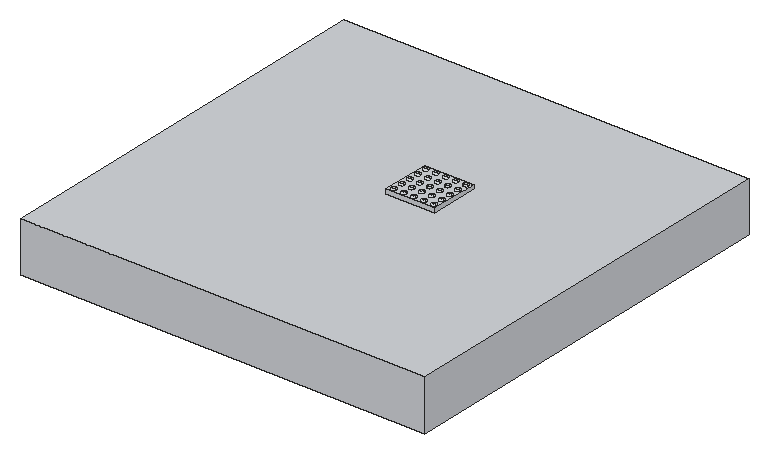
Revit family
Parameters
  Width = 1' - 0"  # constant formula
  URL = "www.coldspringgranite.com"
  TypicalJointSize = 0' - 0 1/2"
  StoneMaterial = none
  SettingSpace = SettingBed + Height + 0' 0 3/16"  # 0' - 2 3/16"
  SettingBed = 0' - 0 13/16"
  Product Name = "Match Website"
  Product Documentation Link = "Website Address"
  PhoneNumber = "800-551-7502"
  Notes = ""
  Model = "N/A"
  Manufacturer = "Cold Spring Granite Company"
  Low Emitting Material = yes
  Low Emitting Finish = yes
  Location = "17482 Granite West Road, Cold Spring, MN 56320-4578"
  Length = 1' - 0"  # constant formula
  LEED Credit = ""
  Keynote = "096340"
  JointTopOff = no
  JointTop = if(JointTopOff, 0' 0", TypicalJointSize / 2)  # 0' - 0 1/4"
  JointRightOff = no
  JointRight = if(JointRightOff, 0' 0", TypicalJointSize / 2)  # 0' - 0 1/4"
  JointLeftOff = no
  JointLeft = if(JointLeftOff, 0' 0", TypicalJointSize / 2)  # 0' - 0 1/4"
  JointBottomOff = no
  JointBottom = if(JointBottomOff, 0' 0", TypicalJointSize / 2)  # 0' - 0 1/4"
  Height = 0' - 1 3/16"
  Description = "Stone Floor 12\" x 12\" Truncated Paving"
  Default Elevation = 0' - 0"
  Assembly Code = "G2030"
  ADA Compliant = yes
Reference planes (in)
  plane 1 "Center (Front/Back)": y = 0
  plane 2: z = 0
  plane 3 "Center (Left/Right)": x = 0
  plane 4 "StoneLeft": x = 0.25
  plane 5 "CenterofDomesLeftTwo": x = 1.25
  plane 6 "CenterofDomesLeftOne": x = 3.625
  plane 7 "CenterofDomesLeftRight": x = 6
  plane 8 "CenterofDomesRightOne": x = 8.375
  plane 9 "CenterofDomesRightTwo": x = 10.75
  plane 10 "StoneRight": x = 11.75
  plane 11 "JointRightCenter": x = 12
  plane 12 "StoneBottom": y = 0.25
  plane 13 "CenterofDomesBottomTwo": y = 1.25
  plane 14 "CenterofDomesBottomOne": y = 3.625
  plane 15 "CenterofDomesTopBottom": y = 6
  plane 16 "CenterofDomesTopOne": y = 8.375
  plane 17 "CenterofDomesTopTwo": y = 10.75
  plane 18 "StoneTop": y = 11.75
  plane 19 "JointTopCenter": y = 12
  plane 20 "StoneBack": z = 1
  plane 21 "StoneFace": z = 2
  plane 22 "TopofDomes": z = 2.1875
Forms (in)
  Extrusion 1, solid
    sketch origin (0, 0, 0) x (1, 0, 0) y (0, 1, 0)
      loop
        line (-48, 48) -> (-48, -48) -> (48, -48) -> (48, 48) -> (-48, 48)
    from 0 to -12
  Extrusion 2, solid, material <- "StoneMaterial", detail levels coarse
    sketch origin (0, 0, 0) x (1, 0, 0) y (0, 1, 0)
      loop
        line (0, 12) -> (0, 0) -> (12, 0) -> (12, 12) -> (0, 12)
    from 0 to 2.1875
  Extrusion 3, solid, material <- "StoneMaterial", detail levels medium+fine
    sketch origin (0, 0, 0) x (1, 0, 0) y (0, 1, 0)
      loop
        line (0.25, 11.75) -> (0.25, 0.25) -> (11.75, 0.25) -> (11.75, 11.75) -> (0.25, 11.75)
    from 1 to 2
  Blend 4, solid, material <- "StoneMaterial", detail levels medium+fine
    base sketch origin (0, 0, 0) x (1, 0, 0) y (0, 1, 0)
      loop
        circle (1.25, 10.75) r 0.625
    top sketch origin (0, 0, 0) x (1, 0, 0) y (0, 1, 0)
      loop
        circle (1.25, 10.75) r 0.34375
    from 2 to 2.1875
  Blend 5, solid, material <- "StoneMaterial", detail levels medium+fine
    base sketch origin (2.375, 0, 0) x (1, 0, 0) y (0, 1, 0)
      loop
        circle (1.25, 10.75) r 0.625
    top sketch origin (2.375, 0, 0) x (1, 0, 0) y (0, 1, 0)
      loop
        circle (1.25, 10.75) r 0.34375
    from 2 to 2.1875
  Blend 6, solid, material <- "StoneMaterial", detail levels medium+fine
    base sketch origin (4.75, 0, 0) x (1, 0, 0) y (0, 1, 0)
      loop
        circle (1.25, 10.75) r 0.625
    top sketch origin (4.75, 0, 0) x (1, 0, 0) y (0, 1, 0)
      loop
        circle (1.25, 10.75) r 0.34375
    from 2 to 2.1875
  Blend 7, solid, material <- "StoneMaterial", detail levels medium+fine
    base sketch origin (7.125, 0, 0) x (1, 0, 0) y (0, 1, 0)
      loop
        circle (1.25, 10.75) r 0.625
    top sketch origin (7.125, 0, 0) x (1, 0, 0) y (0, 1, 0)
      loop
        circle (1.25, 10.75) r 0.34375
    from 2 to 2.1875
  Blend 8, solid, material <- "StoneMaterial", detail levels medium+fine
    base sketch origin (9.5, 0, 0) x (1, 0, 0) y (0, 1, 0)
      loop
        circle (1.25, 10.75) r 0.625
    top sketch origin (9.5, 0, 0) x (1, 0, 0) y (0, 1, 0)
      loop
        circle (1.25, 10.75) r 0.34375
    from 2 to 2.1875
  Blend 9, solid, material <- "StoneMaterial", detail levels medium+fine
    base sketch origin (9.5, -2.375, 0) x (1, 0, 0) y (0, 1, 0)
      loop
        circle (1.25, 10.75) r 0.625
    top sketch origin (9.5, -2.375, 0) x (1, 0, 0) y (0, 1, 0)
      loop
        circle (1.25, 10.75) r 0.34375
    from 2 to 2.1875
  Blend 10, solid, material <- "StoneMaterial", detail levels medium+fine
    base sketch origin (7.125, -2.375, 0) x (1, 0, 0) y (0, 1, 0)
      loop
        circle (1.25, 10.75) r 0.625
    top sketch origin (7.125, -2.375, 0) x (1, 0, 0) y (0, 1, 0)
      loop
        circle (1.25, 10.75) r 0.34375
    from 2 to 2.1875
  Blend 11, solid, material <- "StoneMaterial", detail levels medium+fine
    base sketch origin (4.75, -2.375, 0) x (1, 0, 0) y (0, 1, 0)
      loop
        circle (1.25, 10.75) r 0.625
    top sketch origin (4.75, -2.375, 0) x (1, 0, 0) y (0, 1, 0)
      loop
        circle (1.25, 10.75) r 0.34375
    from 2 to 2.1875
  Blend 12, solid, material <- "StoneMaterial", detail levels medium+fine
    base sketch origin (2.375, -2.375, 0) x (1, 0, 0) y (0, 1, 0)
      loop
        circle (1.25, 10.75) r 0.625
    top sketch origin (2.375, -2.375, 0) x (1, 0, 0) y (0, 1, 0)
      loop
        circle (1.25, 10.75) r 0.34375
    from 2 to 2.1875
  Blend 13, solid, material <- "StoneMaterial", detail levels medium+fine
    base sketch origin (0, -2.375, 0) x (1, 0, 0) y (0, 1, 0)
      loop
        circle (1.25, 10.75) r 0.625
    top sketch origin (0, -2.375, 0) x (1, 0, 0) y (0, 1, 0)
      loop
        circle (1.25, 10.75) r 0.34375
    from 2 to 2.1875
  Blend 14, solid, material <- "StoneMaterial", detail levels medium+fine
    base sketch origin (0, -4.75, 0) x (1, 0, 0) y (0, 1, 0)
      loop
        circle (1.25, 10.75) r 0.625
    top sketch origin (0, -4.75, 0) x (1, 0, 0) y (0, 1, 0)
      loop
        circle (1.25, 10.75) r 0.34375
    from 2 to 2.1875
  Blend 15, solid, material <- "StoneMaterial", detail levels medium+fine
    base sketch origin (2.375, -4.75, 0) x (1, 0, 0) y (0, 1, 0)
      loop
        circle (1.25, 10.75) r 0.625
    top sketch origin (2.375, -4.75, 0) x (1, 0, 0) y (0, 1, 0)
      loop
        circle (1.25, 10.75) r 0.34375
    from 2 to 2.1875
  Blend 16, solid, material <- "StoneMaterial", detail levels medium+fine
    base sketch origin (4.75, -4.75, 0) x (1, 0, 0) y (0, 1, 0)
      loop
        circle (1.25, 10.75) r 0.625
    top sketch origin (4.75, -4.75, 0) x (1, 0, 0) y (0, 1, 0)
      loop
        circle (1.25, 10.75) r 0.34375
    from 2 to 2.1875
  Blend 17, solid, material <- "StoneMaterial", detail levels medium+fine
    base sketch origin (7.125, -4.75, 0) x (1, 0, 0) y (0, 1, 0)
      loop
        circle (1.25, 10.75) r 0.625
    top sketch origin (7.125, -4.75, 0) x (1, 0, 0) y (0, 1, 0)
      loop
        circle (1.25, 10.75) r 0.34375
    from 2 to 2.1875
  Blend 18, solid, material <- "StoneMaterial", detail levels medium+fine
    base sketch origin (9.5, -4.75, 0) x (1, 0, 0) y (0, 1, 0)
      loop
        circle (1.25, 10.75) r 0.625
    top sketch origin (9.5, -4.75, 0) x (1, 0, 0) y (0, 1, 0)
      loop
        circle (1.25, 10.75) r 0.34375
    from 2 to 2.1875
  Blend 19, solid, material <- "StoneMaterial", detail levels medium+fine
    base sketch origin (9.5, -7.125, 0) x (1, 0, 0) y (0, 1, 0)
      loop
        circle (1.25, 10.75) r 0.625
    top sketch origin (9.5, -7.125, 0) x (1, 0, 0) y (0, 1, 0)
      loop
        circle (1.25, 10.75) r 0.34375
    from 2 to 2.1875
  Blend 20, solid, material <- "StoneMaterial", detail levels medium+fine
    base sketch origin (7.125, -7.125, 0) x (1, 0, 0) y (0, 1, 0)
      loop
        circle (1.25, 10.75) r 0.625
    top sketch origin (7.125, -7.125, 0) x (1, 0, 0) y (0, 1, 0)
      loop
        circle (1.25, 10.75) r 0.34375
    from 2 to 2.1875
  Blend 21, solid, material <- "StoneMaterial", detail levels medium+fine
    base sketch origin (4.75, -7.125, 0) x (1, 0, 0) y (0, 1, 0)
      loop
        circle (1.25, 10.75) r 0.625
    top sketch origin (4.75, -7.125, 0) x (1, 0, 0) y (0, 1, 0)
      loop
        circle (1.25, 10.75) r 0.34375
    from 2 to 2.1875
  Blend 22, solid, material <- "StoneMaterial", detail levels medium+fine
    base sketch origin (2.375, -7.125, 0) x (1, 0, 0) y (0, 1, 0)
      loop
        circle (1.25, 10.75) r 0.625
    top sketch origin (2.375, -7.125, 0) x (1, 0, 0) y (0, 1, 0)
      loop
        circle (1.25, 10.75) r 0.34375
    from 2 to 2.1875
  Blend 23, solid, material <- "StoneMaterial", detail levels medium+fine
    base sketch origin (0, -7.125, 0) x (1, 0, 0) y (0, 1, 0)
      loop
        circle (1.25, 10.75) r 0.625
    top sketch origin (0, -7.125, 0) x (1, 0, 0) y (0, 1, 0)
      loop
        circle (1.25, 10.75) r 0.34375
    from 2 to 2.1875
  Blend 24, solid, material <- "StoneMaterial", detail levels medium+fine
    base sketch origin (0, -9.5, 0) x (1, 0, 0) y (0, 1, 0)
      loop
        circle (1.25, 10.75) r 0.625
    top sketch origin (0, -9.5, 0) x (1, 0, 0) y (0, 1, 0)
      loop
        circle (1.25, 10.75) r 0.34375
    from 2 to 2.1875
  Blend 25, solid, material <- "StoneMaterial", detail levels medium+fine
    base sketch origin (2.375, -9.5, 0) x (1, 0, 0) y (0, 1, 0)
      loop
        circle (1.25, 10.75) r 0.625
    top sketch origin (2.375, -9.5, 0) x (1, 0, 0) y (0, 1, 0)
      loop
        circle (1.25, 10.75) r 0.34375
    from 2 to 2.1875
  Blend 26, solid, material <- "StoneMaterial", detail levels medium+fine
    base sketch origin (4.75, -9.5, 0) x (1, 0, 0) y (0, 1, 0)
      loop
        circle (1.25, 10.75) r 0.625
    top sketch origin (4.75, -9.5, 0) x (1, 0, 0) y (0, 1, 0)
      loop
        circle (1.25, 10.75) r 0.34375
    from 2 to 2.1875
  Blend 27, solid, material <- "StoneMaterial", detail levels medium+fine
    base sketch origin (7.125, -9.5, 0) x (1, 0, 0) y (0, 1, 0)
      loop
        circle (1.25, 10.75) r 0.625
    top sketch origin (7.125, -9.5, 0) x (1, 0, 0) y (0, 1, 0)
      loop
        circle (1.25, 10.75) r 0.34375
    from 2 to 2.1875
  Blend 28, solid, material <- "StoneMaterial", detail levels medium+fine
    base sketch origin (9.5, -9.5, 0) x (1, 0, 0) y (0, 1, 0)
      loop
        circle (1.25, 10.75) r 0.625
    top sketch origin (9.5, -9.5, 0) x (1, 0, 0) y (0, 1, 0)
      loop
        circle (1.25, 10.75) r 0.34375
    from 2 to 2.1875
Cuts and joins
  joined: Extrusion 3, Blend 4, Blend 5, Blend 6, Blend 7, Blend 8, Blend 9, Blend 10, Blend 11, Blend 12, Blend 13, Blend 14, Blend 15, Blend 16, Blend 17, Blend 18, Blend 19, Blend 20, Blend 21, Blend 22, Blend 23, Blend 24, Blend 25, Blend 26, Blend 27, Blend 28
Lines and regions (in)
  Masking region 1, detail levels coarse
    outline origin (0, 0, 2) x (0, -1, 0) y (1, 0, 0)
      loop
        line (0, 0) -> (0, 12) -> (-12, 12) -> (-12, 0) -> (0, 0)
  Masking region 2, detail levels medium+fine
    outline origin (0, 0, 2) x (0, -1, 0) y (1, 0, 0)
      loop
        line (-11.75, 0.25) -> (-0.25, 0.25) -> (-0.25, 11.75) -> (-11.75, 11.75) -> (-11.75, 0.25)
  Masking region 3, detail levels medium+fine
    outline origin (0, 0, 1) x (-1, 0, 0) y (0, -1, 0)
      loop
        line (-0.25, -11.75) -> (-0.25, -0.25) -> (-11.75, -0.25) -> (-11.75, -11.75) -> (-0.25, -11.75)
  Masking region 4, detail levels coarse
    outline origin (0, 0.25, 0) x (-1, 0, 0) y (0, 0, 1)
      loop
        line (0, 2.1875) -> (-12, 2.1875) -> (-12, 0) -> (0, 0) -> (0, 2.1875)
  Masking region 5, detail levels medium+fine
    outline origin (0, 0.25, 0) x (-1, 0, 0) y (0, 0, 1)
      loop
        line (-0.25, 2) -> (-0.625, 2) -> (-0.90625, 2.1875) -> (-1.59375, 2.1875) -> (-1.875, 2) -> (-3, 2) -> (-3.28125, 2.1875) -> (-3.96875, 2.1875) -> (-4.25, 2) -> (-5.375, 2) -> (-5.65625, 2.1875) -> (-6.34375, 2.1875) -> (-6.625, 2) -> (-7.75, 2) -> (-8.03125, 2.1875) -> (-8.71875, 2.1875) -> (-9, 2) -> (-10.125, 2) -> (-10.40625, 2.1875) -> (-11.09375, 2.1875) -> (-11.375, 2) -> (-11.75, 2) -> (-11.75, 1) -> (-0.25, 1) -> (-0.25, 2)
  Masking region 6, detail levels coarse
    outline origin (0.25, 0, 0) x (0, -1, 0) y (0, 0, 1)
      loop
        line (-12, 2.1875) -> (-12, 0) -> (0, 0) -> (0, 2.1875) -> (-12, 2.1875)
  Masking region 7, detail levels medium+fine
    outline origin (0.25, 0, 0) x (0, -1, 0) y (0, 0, 1)
      loop
        line (-11.75, 2) -> (-11.75, 1) -> (-0.25, 1) -> (-0.25, 2) -> (-0.625, 2) -> (-0.90625, 2.1875) -> (-1.59375, 2.1875) -> (-1.875, 2) -> (-3, 2) -> (-3.28125, 2.1875) -> (-3.96875, 2.1875) -> (-4.25, 2) -> (-5.375, 2) -> (-5.65625, 2.1875) -> (-6.34375, 2.1875) -> (-6.625, 2) -> (-7.75, 2) -> (-8.03125, 2.1875) -> (-8.71875, 2.1875) -> (-9, 2) -> (-10.125, 2) -> (-10.40625, 2.1875) -> (-11.09375, 2.1875) -> (-11.375, 2) -> (-11.75, 2)
  symbolic lines, detail levels medium
    curve 1: line (0.625, 0.25, 2) -> (1.875, 0.25, 2)
    curve 2: line (3, 0.25, 2) -> (4.25, 0.25, 2)
    curve 3: line (5.375, 0.25, 2) -> (6.625, 0.25, 2)
    curve 4: line (7.75, 0.25, 2) -> (9, 0.25, 2)
    curve 5: line (10.125, 0.25, 2) -> (11.375, 0.25, 2)
    curve 6: line (0, 11.375, 2) -> (0, 10.125, 2)
    curve 7: line (0, 9, 2) -> (0, 7.75, 2)
    curve 8: line (0, 6.625, 2) -> (0, 5.375, 2)
    curve 9: line (0, 4.25, 2) -> (0, 3, 2)
    curve 10: line (0, 1.875, 2) -> (0, 0.625, 2)
  symbolic lines, detail levels medium+fine
    curve 11: arc (1.875, 10.75, 0) -> (1.25, 10.125, 0) -> (0.625, 10.75, 0) r 0.625
    curve 12: arc (0.625, 10.75, 0) -> (1.25, 11.375, 0) -> (1.875, 10.75, 0) r 0.625
    curve 13: arc (0.90625, 10.75, 0) -> (1.25, 10.40625, 0) -> (1.59375, 10.75, 0) r 0.34375
    curve 14: arc (1.59375, 10.75, 0) -> (1.25, 11.09375, 0) -> (0.90625, 10.75, 0) r 0.34375
    curve 15: arc (4.25, 10.75, 0) -> (3.625, 10.125, 0) -> (3, 10.75, 0) r 0.625
    curve 16: arc (3.28125, 10.75, 0) -> (3.625, 10.40625, 0) -> (3.96875, 10.75, 0) r 0.34375
    curve 17: arc (3.96875, 10.75, 0) -> (3.625, 11.09375, 0) -> (3.28125, 10.75, 0) r 0.34375
    curve 18: arc (3, 10.75, 0) -> (3.625, 11.375, 0) -> (4.25, 10.75, 0) r 0.625
    curve 19: arc (6.625, 10.75, 0) -> (6, 10.125, 0) -> (5.375, 10.75, 0) r 0.625
    curve 20: arc (5.65625, 10.75, 0) -> (6, 10.40625, 0) -> (6.34375, 10.75, 0) r 0.34375
    curve 21: arc (6.34375, 10.75, 0) -> (6, 11.09375, 0) -> (5.65625, 10.75, 0) r 0.34375
    curve 22: arc (5.375, 10.75, 0) -> (6, 11.375, 0) -> (6.625, 10.75, 0) r 0.625
    curve 23: arc (9, 10.75, 0) -> (8.375, 10.125, 0) -> (7.75, 10.75, 0) r 0.625
    curve 24: arc (8.03125, 10.75, 0) -> (8.375, 10.40625, 0) -> (8.71875, 10.75, 0) r 0.34375
    curve 25: arc (8.71875, 10.75, 0) -> (8.375, 11.09375, 0) -> (8.03125, 10.75, 0) r 0.34375
    curve 26: arc (7.75, 10.75, 0) -> (8.375, 11.375, 0) -> (9, 10.75, 0) r 0.625
    curve 27: arc (11.375, 10.75, 0) -> (10.75, 10.125, 0) -> (10.125, 10.75, 0) r 0.625
    curve 28: arc (10.40625, 10.75, 0) -> (10.75, 10.40625, 0) -> (11.09375, 10.75, 0) r 0.34375
    curve 29: arc (11.09375, 10.75, 0) -> (10.75, 11.09375, 0) -> (10.40625, 10.75, 0) r 0.34375
    curve 30: arc (10.125, 10.75, 0) -> (10.75, 11.375, 0) -> (11.375, 10.75, 0) r 0.625
    curve 31: arc (10.125, 8.375, 0) -> (10.75, 9, 0) -> (11.375, 8.375, 0) r 0.625
    curve 32: arc (11.09375, 8.375, 0) -> (10.75, 8.71875, 0) -> (10.40625, 8.375, 0) r 0.34375
    curve 33: arc (10.40625, 8.375, 0) -> (10.75, 8.03125, 0) -> (11.09375, 8.375, 0) r 0.34375
    curve 34: arc (11.375, 8.375, 0) -> (10.75, 7.75, 0) -> (10.125, 8.375, 0) r 0.625
    curve 35: arc (7.75, 8.375, 0) -> (8.375, 9, 0) -> (9, 8.375, 0) r 0.625
    curve 36: arc (8.71875, 8.375, 0) -> (8.375, 8.71875, 0) -> (8.03125, 8.375, 0) r 0.34375
    curve 37: arc (8.03125, 8.375, 0) -> (8.375, 8.03125, 0) -> (8.71875, 8.375, 0) r 0.34375
    curve 38: arc (9, 8.375, 0) -> (8.375, 7.75, 0) -> (7.75, 8.375, 0) r 0.625
    curve 39: arc (6.625, 8.375, 0) -> (6, 7.75, 0) -> (5.375, 8.375, 0) r 0.625
    curve 40: arc (5.65625, 8.375, 0) -> (6, 8.03125, 0) -> (6.34375, 8.375, 0) r 0.34375
    curve 41: arc (6.34375, 8.375, 0) -> (6, 8.71875, 0) -> (5.65625, 8.375, 0) r 0.34375
    curve 42: arc (5.375, 8.375, 0) -> (6, 9, 0) -> (6.625, 8.375, 0) r 0.625
    curve 43: arc (4.25, 8.375, 0) -> (3.625, 7.75, 0) -> (3, 8.375, 0) r 0.625
    curve 44: arc (3.28125, 8.375, 0) -> (3.625, 8.03125, 0) -> (3.96875, 8.375, 0) r 0.34375
    curve 45: arc (3.96875, 8.375, 0) -> (3.625, 8.71875, 0) -> (3.28125, 8.375, 0) r 0.34375
    curve 46: arc (3, 8.375, 0) -> (3.625, 9, 0) -> (4.25, 8.375, 0) r 0.625
    curve 47: arc (1.875, 8.375, 0) -> (1.25, 7.75, 0) -> (0.625, 8.375, 0) r 0.625
    curve 48: arc (0.90625, 8.375, 0) -> (1.25, 8.03125, 0) -> (1.59375, 8.375, 0) r 0.34375
    curve 49: arc (1.59375, 8.375, 0) -> (1.25, 8.71875, 0) -> (0.90625, 8.375, 0) r 0.34375
    curve 50: arc (0.625, 8.375, 0) -> (1.25, 9, 0) -> (1.875, 8.375, 0) r 0.625
    curve 51: arc (0.625, 6, 0) -> (1.25, 6.625, 0) -> (1.875, 6, 0) r 0.625
    curve 52: arc (1.59375, 6, 0) -> (1.25, 6.34375, 0) -> (0.90625, 6, 0) r 0.34375
    curve 53: arc (0.90625, 6, 0) -> (1.25, 5.65625, 0) -> (1.59375, 6, 0) r 0.34375
    curve 54: arc (1.875, 6, 0) -> (1.25, 5.375, 0) -> (0.625, 6, 0) r 0.625
    curve 55: arc (4.25, 6, 0) -> (3.625, 5.375, 0) -> (3, 6, 0) r 0.625
    curve 56: arc (3.28125, 6, 0) -> (3.625, 5.65625, 0) -> (3.96875, 6, 0) r 0.34375
    curve 57: arc (3.96875, 6, 0) -> (3.625, 6.34375, 0) -> (3.28125, 6, 0) r 0.34375
    curve 58: arc (3, 6, 0) -> (3.625, 6.625, 0) -> (4.25, 6, 0) r 0.625
    curve 59: arc (6.625, 6, 0) -> (6, 5.375, 0) -> (5.375, 6, 0) r 0.625
    curve 60: arc (5.65625, 6, 0) -> (6, 5.65625, 0) -> (6.34375, 6, 0) r 0.34375
    curve 61: arc (6.34375, 6, 0) -> (6, 6.34375, 0) -> (5.65625, 6, 0) r 0.34375
    curve 62: arc (5.375, 6, 0) -> (6, 6.625, 0) -> (6.625, 6, 0) r 0.625
    curve 63: arc (9, 6, 0) -> (8.375, 5.375, 0) -> (7.75, 6, 0) r 0.625
    curve 64: arc (8.03125, 6, 0) -> (8.375, 5.65625, 0) -> (8.71875, 6, 0) r 0.34375
    curve 65: arc (8.71875, 6, 0) -> (8.375, 6.34375, 0) -> (8.03125, 6, 0) r 0.34375
    curve 66: arc (7.75, 6, 0) -> (8.375, 6.625, 0) -> (9, 6, 0) r 0.625
    curve 67: arc (11.375, 6, 0) -> (10.75, 5.375, 0) -> (10.125, 6, 0) r 0.625
    curve 68: arc (10.40625, 6, 0) -> (10.75, 5.65625, 0) -> (11.09375, 6, 0) r 0.34375
    curve 69: arc (11.09375, 6, 0) -> (10.75, 6.34375, 0) -> (10.40625, 6, 0) r 0.34375
    curve 70: arc (10.125, 6, 0) -> (10.75, 6.625, 0) -> (11.375, 6, 0) r 0.625
    curve 71: arc (10.125, 3.625, 0) -> (10.75, 4.25, 0) -> (11.375, 3.625, 0) r 0.625
    curve 72: arc (11.09375, 3.625, 0) -> (10.75, 3.96875, 0) -> (10.40625, 3.625, 0) r 0.34375
    curve 73: arc (10.40625, 3.625, 0) -> (10.75, 3.28125, 0) -> (11.09375, 3.625, 0) r 0.34375
    curve 74: arc (11.375, 3.625, 0) -> (10.75, 3, 0) -> (10.125, 3.625, 0) r 0.625
    curve 75: arc (9, 3.625, 0) -> (8.375, 3, 0) -> (7.75, 3.625, 0) r 0.625
    curve 76: arc (8.03125, 3.625, 0) -> (8.375, 3.28125, 0) -> (8.71875, 3.625, 0) r 0.34375
    curve 77: arc (7.75, 3.625, 0) -> (8.375, 4.25, 0) -> (9, 3.625, 0) r 0.625
    curve 78: arc (8.71875, 3.625, 0) -> (8.375, 3.96875, 0) -> (8.03125, 3.625, 0) r 0.34375
    curve 79: arc (6.625, 3.625, 0) -> (6, 3, 0) -> (5.375, 3.625, 0) r 0.625
    curve 80: arc (5.65625, 3.625, 0) -> (6, 3.28125, 0) -> (6.34375, 3.625, 0) r 0.34375
    curve 81: arc (6.34375, 3.625, 0) -> (6, 3.96875, 0) -> (5.65625, 3.625, 0) r 0.34375
    curve 82: arc (5.375, 3.625, 0) -> (6, 4.25, 0) -> (6.625, 3.625, 0) r 0.625
    curve 83: arc (4.25, 3.625, 0) -> (3.625, 3, 0) -> (3, 3.625, 0) r 0.625
    curve 84: arc (3.28125, 3.625, 0) -> (3.625, 3.28125, 0) -> (3.96875, 3.625, 0) r 0.34375
    curve 85: arc (3.96875, 3.625, 0) -> (3.625, 3.96875, 0) -> (3.28125, 3.625, 0) r 0.34375
    curve 86: arc (3, 3.625, 0) -> (3.625, 4.25, 0) -> (4.25, 3.625, 0) r 0.625
    curve 87: arc (1.875, 3.625, 0) -> (1.25, 3, 0) -> (0.625, 3.625, 0) r 0.625
    curve 88: arc (0.90625, 3.625, 0) -> (1.25, 3.28125, 0) -> (1.59375, 3.625, 0) r 0.34375
    curve 89: arc (1.59375, 3.625, 0) -> (1.25, 3.96875, 0) -> (0.90625, 3.625, 0) r 0.34375
    curve 90: arc (0.625, 3.625, 0) -> (1.25, 4.25, 0) -> (1.875, 3.625, 0) r 0.625
    curve 91: arc (0.625, 1.25, 0) -> (1.25, 1.875, 0) -> (1.875, 1.25, 0) r 0.625
    curve 92: arc (1.59375, 1.25, 0) -> (1.25, 1.59375, 0) -> (0.90625, 1.25, 0) r 0.34375
    curve 93: arc (0.90625, 1.25, 0) -> (1.25, 0.90625, 0) -> (1.59375, 1.25, 0) r 0.34375
    curve 94: arc (1.875, 1.25, 0) -> (1.25, 0.625, 0) -> (0.625, 1.25, 0) r 0.625
    curve 95: arc (4.25, 1.25, 0) -> (3.625, 0.625, 0) -> (3, 1.25, 0) r 0.625
    curve 96: arc (3.28125, 1.25, 0) -> (3.625, 0.90625, 0) -> (3.96875, 1.25, 0) r 0.34375
    curve 97: arc (3.96875, 1.25, 0) -> (3.625, 1.59375, 0) -> (3.28125, 1.25, 0) r 0.34375
    curve 98: arc (3, 1.25, 0) -> (3.625, 1.875, 0) -> (4.25, 1.25, 0) r 0.625
    curve 99: arc (6.625, 1.25, 0) -> (6, 0.625, 0) -> (5.375, 1.25, 0) r 0.625
    curve 100: arc (5.65625, 1.25, 0) -> (6, 0.90625, 0) -> (6.34375, 1.25, 0) r 0.34375
    curve 101: arc (6.34375, 1.25, 0) -> (6, 1.59375, 0) -> (5.65625, 1.25, 0) r 0.34375
    curve 102: arc (5.375, 1.25, 0) -> (6, 1.875, 0) -> (6.625, 1.25, 0) r 0.625
    curve 103: arc (9, 1.25, 0) -> (8.375, 0.625, 0) -> (7.75, 1.25, 0) r 0.625
    curve 104: arc (8.03125, 1.25, 0) -> (8.375, 0.90625, 0) -> (8.71875, 1.25, 0) r 0.34375
    curve 105: arc (8.71875, 1.25, 0) -> (8.375, 1.59375, 0) -> (8.03125, 1.25, 0) r 0.34375
    curve 106: arc (7.75, 1.25, 0) -> (8.375, 1.875, 0) -> (9, 1.25, 0) r 0.625
    curve 107: arc (11.375, 1.25, 0) -> (10.75, 0.625, 0) -> (10.125, 1.25, 0) r 0.625
    curve 108: arc (10.40625, 1.25, 0) -> (10.75, 0.90625, 0) -> (11.09375, 1.25, 0) r 0.34375
    curve 109: arc (11.09375, 1.25, 0) -> (10.75, 1.59375, 0) -> (10.40625, 1.25, 0) r 0.34375
    curve 110: arc (10.125, 1.25, 0) -> (10.75, 1.875, 0) -> (11.375, 1.25, 0) r 0.625
Dimensions and locks (in)
  "Length": plane 3 "Center (Left/Right)" to plane 11 "JointRightCenter"
  equal spacing: plane 3 "Center (Left/Right)", plane 7 "CenterofDomesLeftRight", plane 11 "JointRightCenter"
  "Width": plane 1 "Center (Front/Back)" to plane 19 "JointTopCenter"
  equal spacing: plane 1 "Center (Front/Back)", plane 15 "CenterofDomesTopBottom", plane 19 "JointTopCenter"
  equal spacing: plane 5 "CenterofDomesLeftTwo", plane 6 "CenterofDomesLeftOne", plane 7 "CenterofDomesLeftRight", plane 8 "CenterofDomesRightOne", plane 9 "CenterofDomesRightTwo", locked at 2.375 each
  equal spacing: plane 13 "CenterofDomesBottomTwo", plane 14 "CenterofDomesBottomOne", plane 15 "CenterofDomesTopBottom", plane 16 "CenterofDomesTopOne", plane 17 "CenterofDomesTopTwo", locked at 2.375 each
  "JointLeft": plane 3 "Center (Left/Right)" to plane 4 "StoneLeft"
  "JointRight": plane 10 "StoneRight" to plane 11 "JointRightCenter"
  "JointTop": plane 19 "JointTopCenter" to plane 18 "StoneTop"
  "JointBottom": plane 12 "StoneBottom" to plane 1 "Center (Front/Back)"
  locked: plane 22 "TopofDomes" to plane 21 "StoneFace" at 0.1875
  "Height": plane 22 "TopofDomes" to plane 20 "StoneBack"
  "SettingSpace": plane 22 "TopofDomes" to plane 2
  locked: plane 5 "CenterofDomesLeftTwo" to Masking region 5 sketch curve at 0.625
  locked: Masking region 5 sketch curve to plane 5 "CenterofDomesLeftTwo" at 0.625
  locked: Masking region 5 sketch curve to plane 6 "CenterofDomesLeftOne" at 0.625
  locked: plane 6 "CenterofDomesLeftOne" to Masking region 5 sketch curve at 0.625
  locked: plane 7 "CenterofDomesLeftRight" to Masking region 5 sketch curve at 0.625
  locked: Masking region 5 sketch curve to plane 7 "CenterofDomesLeftRight" at 0.625
  locked: Masking region 5 sketch curve to plane 8 "CenterofDomesRightOne" at 0.625
  locked: plane 8 "CenterofDomesRightOne" to Masking region 5 sketch curve at 0.625
  locked: plane 9 "CenterofDomesRightTwo" to Masking region 5 sketch curve at 0.625
  locked: Masking region 5 sketch curve to plane 9 "CenterofDomesRightTwo" at 0.625
  locked: plane 5 "CenterofDomesLeftTwo" to Masking region 5 sketch curve at 0.34375
  locked: Masking region 5 sketch curve to plane 5 "CenterofDomesLeftTwo" at 0.34375
  locked: Masking region 5 sketch curve to plane 6 "CenterofDomesLeftOne" at 0.34375
  locked: plane 6 "CenterofDomesLeftOne" to Masking region 5 sketch curve at 0.34375
  locked: plane 7 "CenterofDomesLeftRight" to Masking region 5 sketch curve at 0.34375
  locked: Masking region 5 sketch curve to plane 7 "CenterofDomesLeftRight" at 0.34375
  locked: Masking region 5 sketch curve to plane 8 "CenterofDomesRightOne" at 0.34375
  locked: plane 8 "CenterofDomesRightOne" to Masking region 5 sketch curve at 0.34375
  locked: plane 9 "CenterofDomesRightTwo" to Masking region 5 sketch curve at 0.34375
  locked: Masking region 5 sketch curve to plane 9 "CenterofDomesRightTwo" at 0.34375
  locked: plane 5 "CenterofDomesLeftTwo" to curve 1 at 0.625
  locked: curve 1 to plane 5 "CenterofDomesLeftTwo" at 0.625
  locked: curve 2 to plane 6 "CenterofDomesLeftOne" at 0.625
  locked: plane 6 "CenterofDomesLeftOne" to curve 2 at 0.625
  locked: plane 7 "CenterofDomesLeftRight" to curve 3 at 0.625
  locked: curve 3 to plane 7 "CenterofDomesLeftRight" at 0.625
  locked: curve 4 to plane 8 "CenterofDomesRightOne" at 0.625
  locked: plane 8 "CenterofDomesRightOne" to curve 4 at 0.625
  locked: plane 9 "CenterofDomesRightTwo" to curve 5 at 0.625
  locked: curve 5 to plane 9 "CenterofDomesRightTwo" at 0.625
  locked: Masking region 7 sketch curve to plane 17 "CenterofDomesTopTwo" at 0.625
  locked: plane 17 "CenterofDomesTopTwo" to Masking region 7 sketch curve at 0.625
  locked: Masking region 7 sketch curve to plane 16 "CenterofDomesTopOne" at 0.625
  locked: plane 16 "CenterofDomesTopOne" to Masking region 7 sketch curve at 0.625
  locked: Masking region 7 sketch curve to plane 15 "CenterofDomesTopBottom" at 0.625
  locked: plane 15 "CenterofDomesTopBottom" to Masking region 7 sketch curve at 0.625
  locked: Masking region 7 sketch curve to plane 14 "CenterofDomesBottomOne" at 0.625
  locked: plane 14 "CenterofDomesBottomOne" to Masking region 7 sketch curve at 0.625
  locked: Masking region 7 sketch curve to plane 13 "CenterofDomesBottomTwo" at 0.625
  locked: plane 13 "CenterofDomesBottomTwo" to Masking region 7 sketch curve at 0.625
  locked: plane 13 "CenterofDomesBottomTwo" to Masking region 7 sketch curve at 0.34375
  locked: Masking region 7 sketch curve to plane 13 "CenterofDomesBottomTwo" at 0.34375
  locked: plane 14 "CenterofDomesBottomOne" to Masking region 7 sketch curve at 0.34375
  locked: Masking region 7 sketch curve to plane 14 "CenterofDomesBottomOne" at 0.34375
  locked: plane 15 "CenterofDomesTopBottom" to Masking region 7 sketch curve at 0.34375
  locked: Masking region 7 sketch curve to plane 15 "CenterofDomesTopBottom" at 0.34375
  locked: plane 16 "CenterofDomesTopOne" to Masking region 7 sketch curve at 0.34375
  locked: Masking region 7 sketch curve to plane 16 "CenterofDomesTopOne" at 0.34375
  locked: plane 17 "CenterofDomesTopTwo" to Masking region 7 sketch curve at 0.34375
  locked: Masking region 7 sketch curve to plane 17 "CenterofDomesTopTwo" at 0.34375
  locked: plane 13 "CenterofDomesBottomTwo" to curve 10 at 0.625
  locked: curve 10 to plane 13 "CenterofDomesBottomTwo" at 0.625
  locked: plane 14 "CenterofDomesBottomOne" to curve 9 at 0.625
  locked: curve 9 to plane 14 "CenterofDomesBottomOne" at 0.625
  locked: plane 15 "CenterofDomesTopBottom" to curve 8 at 0.625
  locked: curve 8 to plane 15 "CenterofDomesTopBottom" at 0.625
  locked: plane 16 "CenterofDomesTopOne" to curve 7 at 0.625
  locked: curve 7 to plane 16 "CenterofDomesTopOne" at 0.625
  locked: plane 17 "CenterofDomesTopTwo" to curve 6 at 0.625
  locked: curve 6 to plane 17 "CenterofDomesTopTwo" at 0.625
  aligned and locked: plane 2 to Extrusion 1
  aligned and locked: level to Extrusion 1
  aligned and locked: Extrusion 2 to plane 19 "JointTopCenter"
  aligned and locked: Extrusion 2 to plane 3 "Center (Left/Right)"
  aligned and locked: plane 1 "Center (Front/Back)" to Extrusion 2
  aligned and locked: plane 11 "JointRightCenter" to Extrusion 2
  aligned and locked: Extrusion 2 to level
  aligned and locked: plane 22 "TopofDomes" to Extrusion 2
  aligned and locked: Extrusion 3 to plane 20 "StoneBack"
  aligned and locked: Extrusion 3 to plane 21 "StoneFace"
  aligned and locked: plane 4 "StoneLeft" to Extrusion 3
  aligned and locked: plane 18 "StoneTop" to Extrusion 3
  aligned and locked: Extrusion 3 to plane 12 "StoneBottom"
  aligned and locked: Extrusion 3 to plane 10 "StoneRight"
  aligned and locked: plane 21 "StoneFace" to Blend 4
  aligned and locked: plane 21 "StoneFace" to Blend 13
  aligned and locked: plane 21 "StoneFace" to Blend 14
  aligned and locked: plane 21 "StoneFace" to Blend 23
  aligned and locked: plane 21 "StoneFace" to Blend 24
  aligned and locked: plane 21 "StoneFace" to Blend 5
  aligned and locked: plane 21 "StoneFace" to Blend 12
  aligned and locked: plane 21 "StoneFace" to Blend 15
  aligned and locked: plane 21 "StoneFace" to Blend 22
  aligned and locked: plane 21 "StoneFace" to Blend 25
  aligned and locked: plane 21 "StoneFace" to Blend 6
  aligned and locked: plane 21 "StoneFace" to Blend 11
  aligned and locked: plane 21 "StoneFace" to Blend 16
  aligned and locked: plane 21 "StoneFace" to Blend 21
  aligned and locked: plane 21 "StoneFace" to Blend 26
  aligned and locked: plane 21 "StoneFace" to Blend 7
  aligned and locked: plane 21 "StoneFace" to Blend 10
  aligned and locked: plane 21 "StoneFace" to Blend 17
  aligned and locked: plane 21 "StoneFace" to Blend 20
  aligned and locked: plane 21 "StoneFace" to Blend 27
  aligned and locked: plane 21 "StoneFace" to Blend 8
  aligned and locked: plane 21 "StoneFace" to Blend 9
  aligned and locked: plane 21 "StoneFace" to Blend 18
  aligned and locked: plane 21 "StoneFace" to Blend 19
  aligned and locked: plane 21 "StoneFace" to Blend 28
  aligned and locked: plane 22 "TopofDomes" to Blend 28
  aligned and locked: plane 22 "TopofDomes" to Blend 19
  aligned and locked: plane 22 "TopofDomes" to Blend 18
  aligned and locked: plane 22 "TopofDomes" to Blend 9
  aligned and locked: plane 22 "TopofDomes" to Blend 8
  aligned and locked: plane 22 "TopofDomes" to Blend 27
  aligned and locked: plane 22 "TopofDomes" to Blend 20
  aligned and locked: plane 22 "TopofDomes" to Blend 17
  aligned and locked: plane 22 "TopofDomes" to Blend 10
  aligned and locked: plane 22 "TopofDomes" to Blend 7
  aligned and locked: plane 22 "TopofDomes" to Blend 26
  aligned and locked: plane 22 "TopofDomes" to Blend 21
  aligned and locked: plane 22 "TopofDomes" to Blend 16
  aligned and locked: plane 22 "TopofDomes" to Blend 11
  aligned and locked: plane 22 "TopofDomes" to Blend 6
  aligned and locked: plane 22 "TopofDomes" to Blend 23
  aligned and locked: plane 22 "TopofDomes" to Blend 14
  aligned and locked: plane 22 "TopofDomes" to Blend 13
  aligned and locked: plane 22 "TopofDomes" to Blend 4
  aligned and locked: plane 22 "TopofDomes" to Blend 24
  aligned and locked: plane 22 "TopofDomes" to Blend 25
  aligned and locked: plane 22 "TopofDomes" to Blend 22
  aligned and locked: plane 22 "TopofDomes" to Blend 15
  aligned and locked: plane 22 "TopofDomes" to Blend 12
  aligned and locked: plane 22 "TopofDomes" to Blend 5
  aligned and locked: Masking region 1 to plane 19 "JointTopCenter"
  aligned and locked: Masking region 1 to plane 3 "Center (Left/Right)"
  aligned and locked: plane 1 "Center (Front/Back)" to Masking region 1
  aligned and locked: plane 11 "JointRightCenter" to Masking region 1
  aligned and locked: Masking region 2 to plane 10 "StoneRight"
  aligned and locked: plane 18 "StoneTop" to Masking region 2
  aligned and locked: plane 4 "StoneLeft" to Masking region 2
  aligned and locked: Masking region 2 to plane 12 "StoneBottom"
  aligned and locked: plane 18 "StoneTop" to Masking region 3
  aligned and locked: Masking region 3 to plane 10 "StoneRight"
  aligned and locked: Masking region 3 to plane 12 "StoneBottom"
  aligned and locked: plane 4 "StoneLeft" to Masking region 3
  aligned and locked: Masking region 4 to plane 22 "TopofDomes"
  aligned and locked: level to Masking region 4
  aligned and locked: plane 3 "Center (Left/Right)" to Masking region 4
  aligned and locked: Masking region 4 to plane 11 "JointRightCenter"
  aligned and locked: Masking region 5 to plane 20 "StoneBack"
  aligned and locked: plane 4 "StoneLeft" to Masking region 5
  aligned and locked: Masking region 5 to plane 10 "StoneRight"
  aligned and locked: Masking region 5 to plane 21 "StoneFace"
  aligned and locked: Masking region 5 sketch curve to plane 21 "StoneFace"  (x2)
  aligned and locked: Masking region 5 sketch curve to plane 22 "TopofDomes"  (x3)
  aligned and locked: plane 22 "TopofDomes" to Masking region 5 sketch curve  (x7)
  aligned and locked: plane 21 "StoneFace" to Masking region 5 sketch curve  (x9)
  aligned and locked: plane 21 "StoneFace" to curve 1
  aligned and locked: plane 21 "StoneFace" to curve 2
  aligned and locked: plane 21 "StoneFace" to curve 3
  aligned and locked: plane 21 "StoneFace" to curve 4
  aligned and locked: plane 21 "StoneFace" to curve 5
  aligned and locked: Masking region 6 to level
  aligned and locked: Masking region 6 to plane 19 "JointTopCenter"
  aligned and locked: plane 22 "TopofDomes" to Masking region 6
  aligned and locked: plane 1 "Center (Front/Back)" to Masking region 6
  aligned and locked: plane 18 "StoneTop" to Masking region 7
  aligned and locked: Masking region 7 to plane 20 "StoneBack"
  aligned and locked: Masking region 7 to plane 12 "StoneBottom"
  aligned and locked: Masking region 7 to plane 21 "StoneFace"
  aligned and locked: Masking region 7 sketch curve to plane 21 "StoneFace"  (x3)
  aligned and locked: Masking region 7 sketch curve to plane 22 "TopofDomes"  (x4)
  aligned and locked: plane 22 "TopofDomes" to Masking region 7 sketch curve  (x6)
  aligned and locked: plane 21 "StoneFace" to Masking region 7 sketch curve  (x8)
  aligned and locked: plane 21 "StoneFace" to curve 6
  aligned and locked: plane 21 "StoneFace" to curve 7
  aligned and locked: plane 21 "StoneFace" to curve 8
  aligned and locked: plane 21 "StoneFace" to curve 9
  aligned and locked: plane 21 "StoneFace" to curve 10
  aligned and locked: curve 11 to cut or joined group 1 (Extrusion 3, Blend 4, Blend 5, Blend 6, Blend 7, Blend 8, Blend 9, Blend 10, Blend 11, Blend 12, Blend 13, Blend 14, Blend 15, Blend 16, Blend 17, Blend 18, Blend 19, Blend 20, Blend 21, Blend 22, Blend 23, Blend 24, Blend 25, Blend 26, Blend 27, Blend 28)
  aligned and locked: curve 12 to cut or joined group 1
  aligned and locked: curve 13 to cut or joined group 1
  aligned and locked: curve 14 to cut or joined group 1
  aligned and locked: curve 15 to cut or joined group 1
  aligned and locked: curve 16 to cut or joined group 1
  aligned and locked: curve 17 to cut or joined group 1
  aligned and locked: curve 18 to cut or joined group 1
  aligned and locked: curve 19 to cut or joined group 1
  aligned and locked: curve 20 to cut or joined group 1
  aligned and locked: curve 21 to cut or joined group 1
  aligned and locked: curve 22 to cut or joined group 1
  aligned and locked: curve 23 to cut or joined group 1
  aligned and locked: curve 24 to cut or joined group 1
  aligned and locked: curve 25 to cut or joined group 1
  aligned and locked: curve 26 to cut or joined group 1
  aligned and locked: curve 27 to cut or joined group 1
  aligned and locked: curve 28 to cut or joined group 1
  aligned and locked: curve 29 to cut or joined group 1
  aligned and locked: curve 30 to cut or joined group 1
  aligned and locked: curve 31 to cut or joined group 1
  aligned and locked: curve 32 to cut or joined group 1
  aligned and locked: curve 33 to cut or joined group 1
  aligned and locked: curve 34 to cut or joined group 1
  aligned and locked: curve 35 to cut or joined group 1
  aligned and locked: curve 36 to cut or joined group 1
  aligned and locked: curve 37 to cut or joined group 1
  aligned and locked: curve 38 to cut or joined group 1
  aligned and locked: curve 39 to cut or joined group 1
  aligned and locked: curve 40 to cut or joined group 1
  aligned and locked: curve 41 to cut or joined group 1
  aligned and locked: curve 42 to cut or joined group 1
  aligned and locked: curve 43 to cut or joined group 1
  aligned and locked: curve 44 to cut or joined group 1
  aligned and locked: curve 45 to cut or joined group 1
  aligned and locked: curve 46 to cut or joined group 1
  aligned and locked: curve 47 to cut or joined group 1
  aligned and locked: curve 48 to cut or joined group 1
  aligned and locked: curve 49 to cut or joined group 1
  aligned and locked: curve 50 to cut or joined group 1
  aligned and locked: curve 51 to cut or joined group 1
  aligned and locked: curve 52 to cut or joined group 1
  aligned and locked: curve 53 to cut or joined group 1
  aligned and locked: curve 54 to cut or joined group 1
  aligned and locked: curve 55 to cut or joined group 1
  aligned and locked: curve 56 to cut or joined group 1
  aligned and locked: curve 57 to cut or joined group 1
  aligned and locked: curve 58 to cut or joined group 1
  aligned and locked: curve 59 to cut or joined group 1
  aligned and locked: curve 60 to cut or joined group 1
  aligned and locked: curve 61 to cut or joined group 1
  aligned and locked: curve 62 to cut or joined group 1
  aligned and locked: curve 63 to cut or joined group 1
  aligned and locked: curve 64 to cut or joined group 1
  aligned and locked: curve 65 to cut or joined group 1
  aligned and locked: curve 66 to cut or joined group 1
  aligned and locked: curve 67 to cut or joined group 1
  aligned and locked: curve 68 to cut or joined group 1
  aligned and locked: curve 69 to cut or joined group 1
  aligned and locked: curve 70 to cut or joined group 1
  aligned and locked: curve 71 to cut or joined group 1
  aligned and locked: curve 72 to cut or joined group 1
